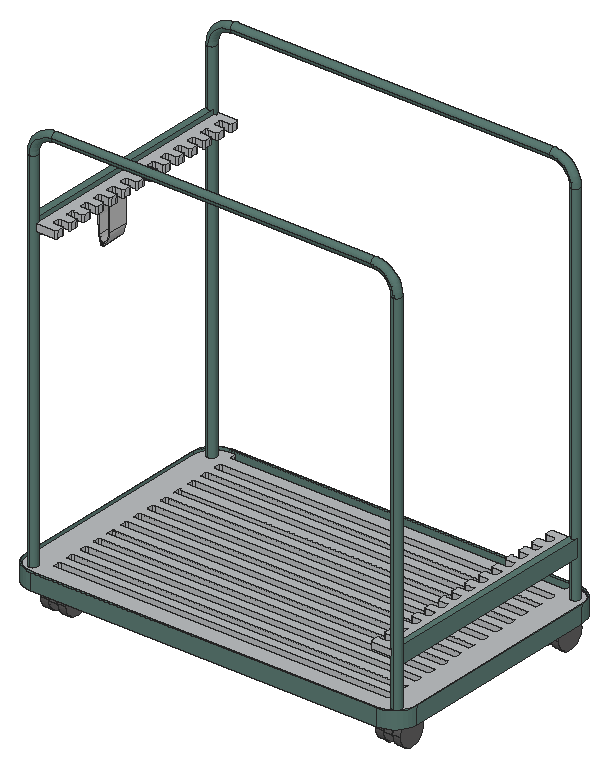
Revit family "okamura_MT30CA00_スプリント_ワゴン_ストックワゴン_700W×450D×790H", category 家具, Revit 2017 (continued)
Automatic sketch dimensions
  curve 46 to curve 14 = 20.0 mm
  curve 47 to curve 46 = 0.0 mm
  curve 184 to curve 200 = 0.0 mm
  curve 185 to curve 184 = 0.0 mm
  curve 186 to curve 185 = 0.0 mm
  curve 187 to curve 186 = 0.0 mm
  curve 188 to curve 187 = 0.0 mm
  curve 48 to curve 16 = 20.0 mm
  curve 49 to curve 18 = 20.0 mm
  curve 50 to curve 49 = 0.0 mm
  curve 162 to curve 188 = 0.0 mm
  curve 136 to curve 200 = 0.0 mm
  curve 135 to curve 136 = 0.0 mm
  curve 134 to curve 135 = 0.0 mm
  curve 161 to curve 187 = 0.0 mm
  curve 112 to curve 134 = 0.0 mm
  curve 113 to curve 135 = 0.0 mm
  curve 114 to curve 136 = 0.0 mm
  curve 160 to curve 186 = 0.0 mm
  curve 159 to curve 184 = 0.0 mm
  curve 158 to curve 185 = 0.0 mm
  curve 76 to curve 50 = 0.0 mm
  curve 75 to curve 49 = 0.0 mm
  curve 74 to curve 48 = 0.0 mm
  curve 73 to curve 46 = 0.0 mm
  curve 194 to curve 200 = 0.0 mm
  curve 72 to curve 47 = 0.0 mm
  curve 41 to curve 92 = 6.0 mm
  curve 79 to curve 41 = 0.0 mm
  curve 88 to curve 80 = 6.0 mm
  curve 40 to curve 80 = 0.0 mm
  radius of Extrusion 3 sketch curve = 25.0 mm  (x2)
  radius of Extrusion 4 sketch curve = 25.0 mm  (x2)
  radius of Extrusion 10 sketch curve = 8.0 mm  (x4)
  radius of Extrusion 11 sketch curve = 25.0 mm  (x2)
  radius of Extrusion 12 sketch curve = 25.0 mm  (x2)
  radius of Sweep 5 sketch curve = 7.95 mm  (x2)
Types (8, lengths in mm): name | 色仕様名称 | 色仕様コード | 本体
  (no name) | "ダークグリーン" | "ZH12" | okm_ZH12
  ZH11（オレンジレッド） | "オレンジレッド" | "ZH11" | okm_ZH11
  ZH12（ダークグリーン） | "ダークグリーン" | "ZH12" | okm_ZH12
  ZH13（イエロー） | "イエロー" | "ZH13" | okm_ZH13
  ZH14（セージ） | "セージ" | "ZH14" | okm_ZH14
  ZH15（ダークグレー） | "ダークグレー" | "ZH15" | okm_ZH15
  Z721（ネオブラック） | "ネオブラック" | "Z721" | okm_Z721
  ZC03（ネオホワイト） | "ネオホワイト" | "ZC03" | okm_ZC03
